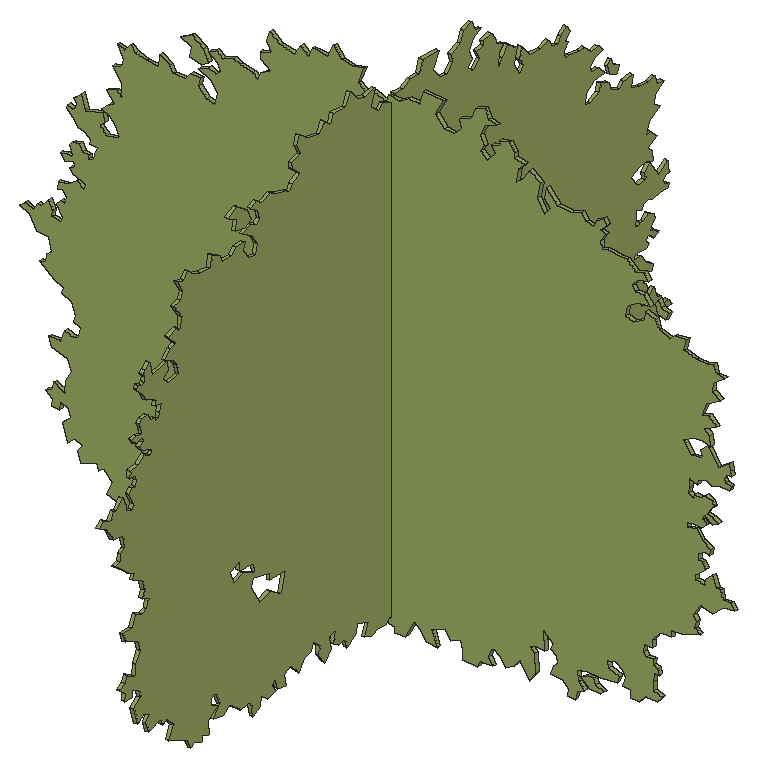
Revit family "L-PL상록관목_회양목", category 수목, Revit 2019
Family settings
  OmniClass 번호 = 23.40.05.00
  OmniClass 제목 = Plants and Planting Products
  작업 기준면 기반 = 아니오
  항상 수직 = 예
  로드될 때 보이드를 사용하여 절단 = 아니오
  렌더 모양 소스 = 패밀리 형상
  공유 = 아니오
Parameters (values of type "회양목")
  한국산업규격KS = ""
  조달청표준공사코드-세부공종 = "10161599202809"
  높이 = 1000 mm
  건설정보분류체계-부위분류 = "E985"
  LIM_INFO_주의사항 = "재배포, 재가공, 판매 금지"
  LIM_INFO_제작일 = "20211210"
  LIM_INFO_버전 = "2022_V01"
  LIM_INFO_PL_학명 = "Quercus myrsinaefolia Bl."
  LIM_INFO_PL_품명 = "가시나무"
  LIM_INFO_PL_주당인정수량 = 0
  LIM_INFO_PL_수목단위 = "주"
  LIM_INFO_PL_규격 = "5.0H X 18R"
  LIM_INFO_PL_구분 = "상록교목"
  LIM_INFO_PL_가격 = 0
  LIM_INFO_PL_Qty [instance] = 0
  LIM_INFO_PL_M2당수량 = 0
  KBIMS_식별-버전 = ""
  KBIMS_식별-bSK등록번호 = ""
  KBIMS_보급정보-저작자 = "림인포테크_MMJ"
  KBIMS_보급정보-보급코드 = ""
Reference planes
  plane 1 "중심(앞/뒤)": y = 0
  plane 2: z = 0
  plane 3 "중심(왼쪽/오른쪽)": x = 0
  plane 4: x = 482.5
  plane 5: x = -607.5
  plane 6: z = -545
  plane 7: z = -817.5
  plane 8: z = 5000
  plane 9: x = -100
  plane 10: x = 100
Dimensions and locks
  plane 4 to plane 5 = 1090 mm
  plane 6 to level = 545 mm
  plane 7 to plane 6 = 272.5 mm
  locked: level to plane 8 at 5000
  plane 9 to plane 10 = 200 mm
  aligned and locked: level to plane 2
Nested families
  nested 1: "회양목_base" at (0, 0, 0), type "회양목_base"
Definition of nested family "회양목_base"
  Parameters (values of type "회양목_base")
    Height = 6000 mm
  Reference planes
    plane 1 "중심(앞/뒤)": y = 0
    plane 2: z = 0
    plane 3 "중심(왼쪽/오른쪽)": x = 0
  Forms (mm)
    Extrusion 1, solid, detail levels fine
      sketch origin (0, 0, 0) x (1, 0, 0) y (0, 0, 1)
        loop
          line (-394.679, 39.716) -> (-403.323, 23.05) -> (-389.122, 18.112) -> (-370.907, 9.779) -> (-363.189, -4.419) -> (-358.559, 1.137) -> (-344.666, -4.11) -> (-343.74, 4.532) -> (-330.774, -1.641) -> (-333.553, 18.42) -> (-315.029, 29.223) -> (-327.687, 34.161) -> (-328.613, 44.037) -> (-319.66, 48.358) -> (-311.634, 29.84) -> (-322.747, 15.643) -> (-305.531, 11.699) -> (-294.443, 21.228) -> (-273.824, 5.671) -> (-256.9, 8.782) -> (-252.233, -12.269) -> (-239.394, -5.074) -> (-237.838, 7.567) -> (-225.778, -0.601) -> (-211.578, 3.094) -> (-217.413, 12.234) -> (-212.939, 19.235) -> (-207.104, 3.872) -> (-193.098, 1.927) -> (-196.21, 17.096) -> (-184.15, 23.125) -> (-169.366, 7.956) -> (-160.224, 21.375) -> (-147.774, 25.069) -> (-144.078, 35.376) -> (-132.796, 26.82) -> (-133.769, 14.568) -> (-123.07, 0.761) -> (-112.76, 14.179) -> (-115.289, 29.931) -> (-103.034, 34.404) -> (-107.508, 18.263) -> (-97.393, 11.651) -> (-87.861, 15.735) -> (-83.387, 2.511) -> (-67.456, 12.993) -> (-65.372, 25.001) -> (-43.923, 17.894) -> (-50.787, 1.842) -> (-38.04, -2.692) -> (-27.989, 1.964) -> (-13.036, 0.494) -> (-6.375, 7.962) -> (3.676, -2.331) -> (10.54, -3.679) -> (10.417, -11.153) -> (26.719, -10.541) -> (39.834, 12.863) -> (47.188, 6.492) -> (57.606, -6.497) -> (72.437, -8.213) -> (63.98, 12.863) -> (83.445, 19.798) -> (91.143, 7.563) -> (105.947, 13.483) -> (108.908, 1.643) -> (108.316, -10.987) -> (130.818, -11.973) -> (135.358, -5.066) -> (152.333, -4.277) -> (146.609, 5.787) -> (151.346, 19.008) -> (163.189, 11.707) -> (170.295, -0.33) -> (183.126, 7.366) -> (191.416, 16.246) -> (204.444, -4.277) -> (214.313, 7.563) -> (212.931, 34.006) -> (206.812, 39.531) -> (212.142, 43.281) -> (227.143, 41.307) -> (225.169, 66.961) -> (240.171, 55.91) -> (234.85, 46.553) -> (243.487, 41.642) -> (245.558, 31.806) -> (240.171, 27.057) -> (235.236, 15.612) -> (252.804, 13.639) -> (261.094, 4.364) -> (260.107, -4.911) -> (270.569, -5.898) -> (274.446, 5.799) -> (284.562, 10.359) -> (275.636, 19.878) -> (273.454, 33.164) -> (288.33, 35.94) -> (306.777, 34.949) -> (330.976, 37.13) -> (334.943, 46.252) -> (319.273, 52.796) -> (317.29, 61.124) -> (328.596, 63.9) -> (338.315, 56.96) -> (342.679, 47.045) -> (338.712, 35.94) -> (349.621, 34.949) -> (350.613, 24.835) -> (363.506, 24.439) -> (371.44, 33.561) -> (389.292, 33.362) -> (395.639, 40.303) -> (383.738, 45.459) -> (383.341, 57.158) -> (385.278, 67.579) -> (391.427, 67.579) -> (388.792, 76.009) -> (382.643, 78.819) -> (383.341, 86.011) -> (373.622, 86.011) -> (369.06, 90.572) -> (370.647, 100.09) -> (381.89, 100.09) -> (382.059, 110.124) -> (392.873, 123.131) -> (409.769, 123.638) -> (409.262, 131.915) -> (423.793, 132.928) -> (450.134, 140.941) -> (442.493, 146.542) -> (445.38, 156.048) -> (440.965, 163.347) -> (451.38, 178.69) -> (467.51, 174.107) -> (484.489, 187.347) -> (499.94, 188.535) -> (494.337, 197.023) -> (481.772, 196.344) -> (479.565, 208.395) -> (473.962, 209.074) -> (468.699, 224.012) -> (458.511, 214.676) -> (456.983, 207.716) -> (444.079, 209.414) -> (444.079, 216.373) -> (457.662, 227.576) -> (453.363, 235.405) -> (448.374, 236.953) -> (448.374, 244.519) -> (457.147, 250.022) -> (463.511, 246.927) -> (465.748, 255.525) -> (453.019, 262.919) -> (444.418, 274.785) -> (432.549, 273.237) -> (432.205, 278.912) -> (438.57, 281.148) -> (452.847, 279.944) -> (458.695, 284.759) -> (453.191, 290.606) -> (456.975, 296.453) -> (467.984, 288.198) -> (476.928, 293.013) -> (468.672, 298.172) -> (460.415, 300.064) -> (464.543, 307.114) -> (469.305, 311.988) -> (467.348, 318.402) -> (458.649, 323.076) -> (450.711, 317.206) -> (442.447, 318.619) -> (441.034, 314.271) -> (434.075, 318.293) -> (435.488, 324.598) -> (435.379, 336.773) -> (446.906, 332.968) -> (447.558, 339.056) -> (457.997, 342.426) -> (466.152, 338.186) -> (479.853, 341.774) -> (492.466, 341.448) -> (494.749, 346.883) -> (486.92, 349.601) -> (484.854, 353.84) -> (489.095, 359.819) -> (495.946, 360.254) -> (493.771, 366.776) -> (493.118, 376.451) -> (475.938, 364.82) -> (460.502, 387.684) -> (450.824, 378.879) -> (453.108, 369.204) -> (438.428, 368.008) -> (426.685, 383.227) -> (440.059, 390.511) -> (453.325, 392.141) -> (465.395, 388.01) -> (463.764, 402.251) -> (457.214, 408.902) -> (474.002, 416.313) -> (462.477, 426.931) -> (453.016, 425.064) -> (459.662, 441.342) -> (479.326, 452.533) -> (468.598, 460.35) -> (469.041, 471.178) -> (485.044, 482.898) -> (473.078, 484.343) -> (469.658, 495.388) -> (459.301, 492.31) -> (444.264, 493.659) -> (426.585, 499.013) -> (430.975, 514.351) -> (414.109, 512.619) -> (406.727, 506.338) -> (389.794, 512.858) -> (386.185, 523.78) -> (372.179, 529.494) -> (370.552, 518.319) -> (355.09, 510.55) -> (343.384, 513.774) -> (345.461, 527.166) -> (360.84, 536.976) -> (379.481, 538.703) -> (368.863, 550.264) -> (357.148, 549.939) -> (353.617, 557.045) -> (361.007, 565.988) -> (376.724, 569.408) -> (368.849, 578.034) -> (357.305, 575.402) -> (344.548, 587.07) -> (335.214, 586.761) -> (316.5, 589.641) -> (307.829, 587.885) -> (306.8, 597.719) -> (314.05, 608.254) -> (307.114, 611.326) -> (316.694, 620.411) -> (312.049, 628.31) -> (300.864, 621.284) -> (296.672, 612.13) -> (285.459, 615.269) -> (279.872, 624.337) -> (265.55, 619.413) -> (245.636, 621.16) -> (230.052, 638.613) -> (226.884, 622.994) -> (234.628, 613.061) -> (226.922, 603.972) -> (217.054, 621.232) -> (221.575, 641.76) -> (205.703, 651.981) -> (196.29, 639.056) -> (186.802, 631.757) -> (189.259, 648.629) -> (197.679, 657.359) -> (183.757, 661.681) -> (183.414, 667.219) -> (176.3, 678.846) -> (161.822, 675.846) -> (163.129, 669.158) -> (150.797, 666.867) -> (155.591, 655.96) -> (145.38, 645.448) -> (134.592, 652.888) -> (141.046, 661.266) -> (135.007, 674.141) -> (142.545, 687.338) -> (157.301, 693.999) -> (145.787, 697.332) -> (141.175, 709.489) -> (127.138, 704.256) -> (122.008, 690.069) -> (104.216, 683.595) -> (107.401, 672.157) -> (97.01, 661.288) -> (83.44, 663.644) -> (70.01, 678.202) -> (82.001, 698.559) -> (52.136, 699.916) -> (46.932, 683.178) -> (31.773, 683.857) -> (18.198, 677.071) -> (1.908, 677.976) -> (-0.807, 668.25) -> (-18.455, 675.262) -> (-25.695, 667.797) -> (-41.184, 679.361) -> (-33.039, 700.397) -> (-50.234, 697.004) -> (-64.714, 700.85) -> (-76.479, 714.647) -> (-85.077, 698.588) -> (-107.249, 700.171) -> (-112, 688.183) -> (-123.765, 697.457) -> (-131.911, 684.564) -> (-153.178, 688.635) -> (-168.563, 699.719) -> (-172.636, 687.278) -> (-165.622, 673.481) -> (-181.912, 669.409) -> (-181.007, 661.04) -> (-167.658, 649.731) -> (-181.219, 642.084) -> (-185.961, 633.546) -> (-193.161, 638.498) -> (-211.282, 643.125) -> (-219.645, 647.019) -> (-235.754, 641.354) -> (-245.225, 648.215) -> (-255.72, 643.424) -> (-242.762, 634.232) -> (-239.509, 623.245) -> (-245.468, 618.154) -> (-255.988, 622.984) -> (-270.112, 616.588) -> (-253.841, 607.803) -> (-243.663, 592.936) -> (-246.96, 579.962) -> (-258.845, 581.564) -> (-269.888, 594.609) -> (-267.041, 605.394) -> (-281.981, 605.623) -> (-289.488, 597.095) -> (-307.399, 597.725) -> (-311.677, 606.29) -> (-326.333, 614.392) -> (-328.281, 598.755) -> (-346.418, 600.733) -> (-360.605, 605.328) -> (-368.826, 612.134) -> (-376.209, 603.421) -> (-387.642, 606.74) -> (-377.636, 589.895) -> (-381.425, 579.883) -> (-394.2, 576.933) -> (-380.663, 559.151) -> (-380.925, 541.786) -> (-388.8, 547.145) -> (-403.383, 541.958) -> (-390.996, 528.725) -> (-399.523, 525.216) -> (-410.026, 515.723) -> (-398.382, 510.908) -> (-389.611, 501.041) -> (-384.449, 486.912) -> (-403.088, 483.293) -> (-413.191, 493.76) -> (-405.183, 499.443) -> (-406.611, 512.287) -> (-432.979, 505.41) -> (-438.124, 525.247) -> (-444.923, 518.5) -> (-450.792, 515.084) -> (-445.997, 510.29) -> (-446.755, 503.09) -> (-451.054, 501.295) -> (-458.632, 504.39) -> (-460.486, 498.87) -> (-450.922, 490.879) -> (-443.106, 479.277) -> (-434.292, 477.098) -> (-425.875, 470.277) -> (-427.441, 464.436) -> (-415.467, 463.838) -> (-419.902, 452.659) -> (-420.844, 446.346) -> (-428.688, 445.118) -> (-428.442, 449.628) -> (-436.559, 451.268) -> (-441.783, 459.502) -> (-451.462, 458.293) -> (-455.548, 453.08) -> (-452.896, 446.895) -> (-451.603, 438.929) -> (-459.883, 440.126) -> (-469.327, 438.312) -> (-462.801, 430.691) -> (-449.719, 434.377) -> (-448.314, 427.643) -> (-455.467, 424.215) -> (-451.793, 417.697) -> (-438.21, 413.723) -> (-433.142, 409.397) -> (-435.48, 404.291) -> (-445.864, 409.943) -> (-458.013, 402.073) -> (-472.373, 399.792) -> (-473.374, 391.074) -> (-466.408, 391.66) -> (-460.285, 383.466) -> (-462.978, 376.495) -> (-468.125, 376.845) -> (-474.874, 371.163) -> (-466.348, 356.005) -> (-468.826, 349.593) -> (-481.319, 352.623) -> (-480.249, 359.579) -> (-486.311, 371.808) -> (-496.479, 359.919) -> (-501.883, 361.288) -> (-508.208, 350.97) -> (-519.542, 356.069) -> (-527.726, 350.244) -> (-513.913, 343.649) -> (-502.984, 325.405) -> (-486.491, 323.885) -> (-482.357, 306.04) -> (-489.023, 300.887) -> (-489.748, 291.101) -> (-498.782, 288.661) -> (-477.366, 271.9) -> (-464.339, 265.793) -> (-467.753, 258.348) -> (-452.366, 251.865) -> (-447.033, 236.031) -> (-450.45, 226.727) -> (-440.091, 222.724) -> (-442.683, 210.165) -> (-450.522, 206.697) -> (-462.57, 211.352) -> (-468.665, 197.04) -> (-485.887, 196.35) -> (-481.343, 184.707) -> (-459.121, 176.402) -> (-453.655, 161.295) -> (-462.297, 146.783) -> (-463.217, 131.758) -> (-478.246, 139.73) -> (-481.007, 130.838) -> (-490.515, 125.625) -> (-480.7, 117.959) -> (-481.927, 107.84) -> (-469.658, 107.227) -> (-469.045, 117.346) -> (-458.003, 113.053) -> (-454.322, 102.014) -> (-466.61, 91.567) -> (-459.201, 69.037) -> (-448.396, 77.987) -> (-437.899, 72.74) -> (-444.074, 63.79) -> (-439.752, 50.21) -> (-417.524, 57.617) -> (-414.745, 48.667) -> (-407.027, 52.988) -> (-394.679, 39.716)
        loop
          line (-250.811, 184.451) -> (-276.115, 186.291) -> (-276.115, 198.71) -> (-293.598, 191.351) -> (-285.755, 172.719) -> (-268.968, 179.786) -> (-248.05, 171.573) -> (-250.811, 184.451)
        loop
          line (-220.457, 134.968) -> (-200.777, 122.816) -> (-193.541, 150.303) -> (-221.614, 150.303) -> (-221.036, 158.983) -> (-252.872, 166.217) -> (-255.517, 154.574) -> (-240.717, 128.892) -> (-220.457, 134.968)
        loop
          line (300.551, 23.9) -> (297.675, 31.438) -> (287.803, 30.971) -> (278.086, 25.687) -> (291.223, 15.584) -> (306.848, 13.952) -> (311.512, 18.149) -> (300.551, 23.9)
        loop
          line (389.394, 533.234) -> (400.518, 528.386) -> (404.732, 538.058) -> (394.759, 542.404) -> (390.82, 551.483) -> (385.971, 544.924) -> (389.394, 533.234)
        loop
          line (-296.318, 647.982) -> (-280.922, 640.713) -> (-283.773, 626.746) -> (-266.267, 623.172) -> (-256.544, 628.884) -> (-262.959, 644.704) -> (-280.637, 655.963) -> (-296.318, 647.982)
      from 0 to 5
    Extrusion 2, solid, detail levels fine
      sketch origin (0, 0, 0) x (0, 1, 0) y (0, 0, 1)
        loop
          line (-394.679, 39.716) -> (-403.323, 23.05) -> (-389.122, 18.112) -> (-370.907, 9.779) -> (-363.189, -4.419) -> (-358.559, 1.137) -> (-344.666, -4.11) -> (-343.74, 4.532) -> (-330.774, -1.641) -> (-333.553, 18.42) -> (-315.029, 29.223) -> (-327.687, 34.161) -> (-328.613, 44.037) -> (-319.66, 48.358) -> (-311.634, 29.84) -> (-322.747, 15.643) -> (-305.531, 11.699) -> (-294.443, 21.228) -> (-273.824, 5.671) -> (-256.9, 8.782) -> (-252.233, -12.269) -> (-239.394, -5.074) -> (-237.838, 7.567) -> (-225.778, -0.601) -> (-211.578, 3.094) -> (-217.413, 12.234) -> (-212.939, 19.235) -> (-207.104, 3.872) -> (-193.098, 1.927) -> (-196.21, 17.096) -> (-184.15, 23.125) -> (-169.366, 7.956) -> (-160.224, 21.375) -> (-147.774, 25.069) -> (-144.078, 35.376) -> (-132.796, 26.82) -> (-133.769, 14.568) -> (-123.07, 0.761) -> (-112.76, 14.179) -> (-115.289, 29.931) -> (-103.034, 34.404) -> (-107.508, 18.263) -> (-97.393, 11.651) -> (-87.861, 15.735) -> (-83.387, 2.511) -> (-67.456, 12.993) -> (-65.372, 25.001) -> (-43.923, 17.894) -> (-50.787, 1.842) -> (-38.04, -2.692) -> (-27.989, 1.964) -> (-13.036, 0.494) -> (-6.375, 7.962) -> (3.676, -2.331) -> (10.54, -3.679) -> (10.417, -11.153) -> (26.719, -10.541) -> (39.834, 12.863) -> (47.188, 6.492) -> (57.606, -6.497) -> (72.437, -8.213) -> (63.98, 12.863) -> (83.445, 19.798) -> (91.143, 7.563) -> (105.947, 13.483) -> (108.908, 1.643) -> (108.316, -10.987) -> (130.818, -11.973) -> (135.358, -5.066) -> (152.333, -4.277) -> (146.609, 5.787) -> (151.346, 19.008) -> (163.189, 11.707) -> (170.295, -0.33) -> (183.126, 7.366) -> (191.416, 16.246) -> (204.444, -4.277) -> (214.313, 7.563) -> (212.931, 34.006) -> (206.812, 39.531) -> (212.142, 43.281) -> (227.143, 41.307) -> (225.169, 66.961) -> (240.171, 55.91) -> (234.85, 46.553) -> (243.487, 41.642) -> (245.558, 31.806) -> (240.171, 27.057) -> (235.236, 15.612) -> (252.804, 13.639) -> (261.094, 4.364) -> (260.107, -4.911) -> (270.569, -5.898) -> (274.446, 5.799) -> (284.562, 10.359) -> (275.636, 19.878) -> (273.454, 33.164) -> (288.33, 35.94) -> (306.777, 34.949) -> (330.976, 37.13) -> (334.943, 46.252) -> (319.273, 52.796) -> (317.29, 61.124) -> (328.596, 63.9) -> (338.315, 56.96) -> (342.679, 47.045) -> (338.712, 35.94) -> (349.621, 34.949) -> (350.613, 24.835) -> (363.506, 24.439) -> (371.44, 33.561) -> (389.292, 33.362) -> (395.639, 40.303) -> (383.738, 45.459) -> (383.341, 57.158) -> (385.278, 67.579) -> (391.427, 67.579) -> (388.792, 76.009) -> (382.643, 78.819) -> (383.341, 86.011) -> (373.622, 86.011) -> (369.06, 90.572) -> (370.647, 100.09) -> (381.89, 100.09) -> (382.059, 110.124) -> (392.873, 123.131) -> (409.769, 123.638) -> (409.262, 131.915) -> (423.793, 132.928) -> (450.134, 140.941) -> (442.493, 146.542) -> (445.38, 156.048) -> (440.965, 163.347) -> (451.38, 178.69) -> (467.51, 174.107) -> (484.489, 187.347) -> (499.94, 188.535) -> (494.337, 197.023) -> (481.772, 196.344) -> (479.565, 208.395) -> (473.962, 209.074) -> (468.699, 224.012) -> (458.511, 214.676) -> (456.983, 207.716) -> (444.079, 209.414) -> (444.079, 216.373) -> (457.662, 227.576) -> (453.363, 235.405) -> (448.374, 236.953) -> (448.374, 244.519) -> (457.147, 250.022) -> (463.511, 246.927) -> (465.748, 255.525) -> (453.019, 262.919) -> (444.418, 274.785) -> (432.549, 273.237) -> (432.205, 278.912) -> (438.57, 281.148) -> (452.847, 279.944) -> (458.695, 284.759) -> (453.191, 290.606) -> (456.975, 296.453) -> (467.984, 288.198) -> (476.928, 293.013) -> (468.672, 298.172) -> (460.415, 300.064) -> (464.543, 307.114) -> (469.305, 311.988) -> (467.348, 318.402) -> (458.649, 323.076) -> (450.711, 317.206) -> (442.447, 318.619) -> (441.034, 314.271) -> (434.075, 318.293) -> (435.488, 324.598) -> (435.379, 336.773) -> (446.906, 332.968) -> (447.558, 339.056) -> (457.997, 342.426) -> (466.152, 338.186) -> (479.853, 341.774) -> (492.466, 341.448) -> (494.749, 346.883) -> (486.92, 349.601) -> (484.854, 353.84) -> (489.095, 359.819) -> (495.946, 360.254) -> (493.771, 366.776) -> (493.118, 376.451) -> (475.938, 364.82) -> (460.502, 387.684) -> (450.824, 378.879) -> (453.108, 369.204) -> (438.428, 368.008) -> (426.685, 383.227) -> (440.059, 390.511) -> (453.325, 392.141) -> (465.395, 388.01) -> (463.764, 402.251) -> (457.214, 408.902) -> (474.002, 416.313) -> (462.477, 426.931) -> (453.016, 425.064) -> (459.662, 441.342) -> (479.326, 452.533) -> (468.598, 460.35) -> (469.041, 471.178) -> (485.044, 482.898) -> (473.078, 484.343) -> (469.658, 495.388) -> (459.301, 492.31) -> (444.264, 493.659) -> (426.585, 499.013) -> (430.975, 514.351) -> (414.109, 512.619) -> (406.727, 506.338) -> (389.794, 512.858) -> (386.185, 523.78) -> (372.179, 529.494) -> (370.552, 518.319) -> (355.09, 510.55) -> (343.384, 513.774) -> (345.461, 527.166) -> (360.84, 536.976) -> (379.481, 538.703) -> (368.863, 550.264) -> (357.148, 549.939) -> (353.617, 557.045) -> (361.007, 565.988) -> (376.724, 569.408) -> (368.849, 578.034) -> (357.305, 575.402) -> (344.548, 587.07) -> (335.214, 586.761) -> (316.5, 589.641) -> (307.829, 587.885) -> (306.8, 597.719) -> (314.05, 608.254) -> (307.114, 611.326) -> (316.694, 620.411) -> (312.049, 628.31) -> (300.864, 621.284) -> (296.672, 612.13) -> (285.459, 615.269) -> (279.872, 624.337) -> (265.55, 619.413) -> (245.636, 621.16) -> (230.052, 638.613) -> (226.884, 622.994) -> (234.628, 613.061) -> (226.922, 603.972) -> (217.054, 621.232) -> (221.575, 641.76) -> (205.703, 651.981) -> (196.29, 639.056) -> (186.802, 631.757) -> (189.259, 648.629) -> (197.679, 657.359) -> (183.757, 661.681) -> (183.414, 667.219) -> (176.3, 678.846) -> (161.822, 675.846) -> (163.129, 669.158) -> (150.797, 666.867) -> (155.591, 655.96) -> (145.38, 645.448) -> (134.592, 652.888) -> (141.046, 661.266) -> (135.007, 674.141) -> (142.545, 687.338) -> (157.301, 693.999) -> (145.787, 697.332) -> (141.175, 709.489) -> (127.138, 704.256) -> (122.008, 690.069) -> (104.216, 683.595) -> (107.401, 672.157) -> (97.01, 661.288) -> (83.44, 663.644) -> (70.01, 678.202) -> (82.001, 698.559) -> (52.136, 699.916) -> (46.932, 683.178) -> (31.773, 683.857) -> (18.198, 677.071) -> (1.908, 677.976) -> (-0.807, 668.25) -> (-18.455, 675.262) -> (-25.695, 667.797) -> (-41.184, 679.361) -> (-33.039, 700.397) -> (-50.234, 697.004) -> (-64.714, 700.85) -> (-76.479, 714.647) -> (-85.077, 698.588) -> (-107.249, 700.171) -> (-112, 688.183) -> (-123.765, 697.457) -> (-131.911, 684.564) -> (-153.178, 688.635) -> (-168.563, 699.719) -> (-172.636, 687.278) -> (-165.622, 673.481) -> (-181.912, 669.409) -> (-181.007, 661.04) -> (-167.658, 649.731) -> (-181.219, 642.084) -> (-185.961, 633.546) -> (-193.161, 638.498) -> (-211.282, 643.125) -> (-219.645, 647.019) -> (-235.754, 641.354) -> (-245.225, 648.215) -> (-255.72, 643.424) -> (-242.762, 634.232) -> (-239.509, 623.245) -> (-245.468, 618.154) -> (-255.988, 622.984) -> (-270.112, 616.588) -> (-253.841, 607.803) -> (-243.663, 592.936) -> (-246.96, 579.962) -> (-258.845, 581.564) -> (-269.888, 594.609) -> (-267.041, 605.394) -> (-281.981, 605.623) -> (-289.488, 597.095) -> (-307.399, 597.725) -> (-311.677, 606.29) -> (-326.333, 614.392) -> (-328.281, 598.755) -> (-346.418, 600.733) -> (-360.605, 605.328) -> (-368.826, 612.134) -> (-376.209, 603.421) -> (-387.642, 606.74) -> (-377.636, 589.895) -> (-381.425, 579.883) -> (-394.2, 576.933) -> (-380.663, 559.151) -> (-380.925, 541.786) -> (-388.8, 547.145) -> (-403.383, 541.958) -> (-390.996, 528.725) -> (-399.523, 525.216) -> (-410.026, 515.723) -> (-398.382, 510.908) -> (-389.611, 501.041) -> (-384.449, 486.912) -> (-403.088, 483.293) -> (-413.191, 493.76) -> (-405.183, 499.443) -> (-406.611, 512.287) -> (-432.979, 505.41) -> (-438.124, 525.247) -> (-444.923, 518.5) -> (-450.792, 515.084) -> (-445.997, 510.29) -> (-446.755, 503.09) -> (-451.054, 501.295) -> (-458.632, 504.39) -> (-460.486, 498.87) -> (-450.922, 490.879) -> (-443.106, 479.277) -> (-434.292, 477.098) -> (-425.875, 470.277) -> (-427.441, 464.436) -> (-415.467, 463.838) -> (-419.902, 452.659) -> (-420.844, 446.346) -> (-428.688, 445.118) -> (-428.442, 449.628) -> (-436.559, 451.268) -> (-441.783, 459.502) -> (-451.462, 458.293) -> (-455.548, 453.08) -> (-452.896, 446.895) -> (-451.603, 438.929) -> (-459.883, 440.126) -> (-469.327, 438.312) -> (-462.801, 430.691) -> (-449.719, 434.377) -> (-448.314, 427.643) -> (-455.467, 424.215) -> (-451.793, 417.697) -> (-438.21, 413.723) -> (-433.142, 409.397) -> (-435.48, 404.291) -> (-445.864, 409.943) -> (-458.013, 402.073) -> (-472.373, 399.792) -> (-473.374, 391.074) -> (-466.408, 391.66) -> (-460.285, 383.466) -> (-462.978, 376.495) -> (-468.125, 376.845) -> (-474.874, 371.163) -> (-466.348, 356.005) -> (-468.826, 349.593) -> (-481.319, 352.623) -> (-480.249, 359.579) -> (-486.311, 371.808) -> (-496.479, 359.919) -> (-501.883, 361.288) -> (-508.208, 350.97) -> (-519.542, 356.069) -> (-527.726, 350.244) -> (-513.913, 343.649) -> (-502.984, 325.405) -> (-486.491, 323.885) -> (-482.357, 306.04) -> (-489.023, 300.887) -> (-489.748, 291.101) -> (-498.782, 288.661) -> (-477.366, 271.9) -> (-464.339, 265.793) -> (-467.753, 258.348) -> (-452.366, 251.865) -> (-447.033, 236.031) -> (-450.45, 226.727) -> (-440.091, 222.724) -> (-442.683, 210.165) -> (-450.522, 206.697) -> (-462.57, 211.352) -> (-468.665, 197.04) -> (-485.887, 196.35) -> (-481.343, 184.707) -> (-459.121, 176.402) -> (-453.655, 161.295) -> (-462.297, 146.783) -> (-463.217, 131.758) -> (-478.246, 139.73) -> (-481.007, 130.838) -> (-490.515, 125.625) -> (-480.7, 117.959) -> (-481.927, 107.84) -> (-469.658, 107.227) -> (-469.045, 117.346) -> (-458.003, 113.053) -> (-454.322, 102.014) -> (-466.61, 91.567) -> (-459.201, 69.037) -> (-448.396, 77.987) -> (-437.899, 72.74) -> (-444.074, 63.79) -> (-439.752, 50.21) -> (-417.524, 57.617) -> (-414.745, 48.667) -> (-407.027, 52.988) -> (-394.679, 39.716)
        loop
          line (-250.811, 184.451) -> (-276.115, 186.291) -> (-276.115, 198.71) -> (-293.598, 191.351) -> (-285.755, 172.719) -> (-268.968, 179.786) -> (-248.05, 171.573) -> (-250.811, 184.451)
        loop
          line (-220.457, 134.968) -> (-200.777, 122.816) -> (-193.541, 150.303) -> (-221.614, 150.303) -> (-221.036, 158.983) -> (-252.872, 166.217) -> (-255.517, 154.574) -> (-240.717, 128.892) -> (-220.457, 134.968)
        loop
          line (300.551, 23.9) -> (297.675, 31.438) -> (287.803, 30.971) -> (278.086, 25.687) -> (291.223, 15.584) -> (306.848, 13.952) -> (311.512, 18.149) -> (300.551, 23.9)
        loop
          line (389.394, 533.234) -> (400.518, 528.386) -> (404.732, 538.058) -> (394.759, 542.404) -> (390.82, 551.483) -> (385.971, 544.924) -> (389.394, 533.234)
        loop
          line (-296.318, 647.982) -> (-280.922, 640.713) -> (-283.773, 626.746) -> (-266.267, 623.172) -> (-256.544, 628.884) -> (-262.959, 644.704) -> (-280.637, 655.963) -> (-296.318, 647.982)
      from 0 to 5
    Revolve 3, solid, detail levels coarse
      sketch origin (0, 0, 0) x (1, 0, 0) y (0, 0, 1)
        loop
          line (0, 0) -> (0, 700)
          arc (0, 700) -> (-172.349, 675.994) -> (-328.281, 598.755) r 543.566
          arc (-328.281, 598.755) -> (-490.214, 309.237) -> (-370.15, 0) r 389.277
          line (-370.15, 0) -> (0, 0)
        axis (0, 700) -> (0, 0)
      angle from 0 to 360
  Lines and regions (mm)
    symbolic lines
      curve 1: circle (5, -5, 0) r 24.371 normal (0, 0, 1)
      curve 2: line (22.21, 256.742, 0) -> (35.846, 262.99, 0)
      curve 3: line (35.846, 262.99, 0) -> (43.964, 277.129, 0)
      curve 4: line (43.964, 277.129, 0) -> (47.392, 284.283, 0)
      curve 5: line (47.392, 284.283, 0) -> (52.132, 258.086, 0)
      curve 6: line (52.132, 258.086, 0) -> (64.742, 245.283, 0)
      curve 7: line (64.742, 245.283, 0) -> (73.886, 237.699, 0)
      curve 8: line (73.886, 237.699, 0) -> (101.059, 251.31, 0)
      curve 9: line (101.059, 251.31, 0) -> (109.227, 263.547, 0)
      curve 10: line (109.227, 263.547, 0) -> (109.227, 241.788, 0)
      curve 11: line (109.227, 241.788, 0) -> (120.104, 228.207, 0)
      curve 12: line (120.104, 228.207, 0) -> (133.73, 228.207, 0)
      curve 13: line (133.73, 228.207, 0) -> (150.026, 234.983, 0)
      curve 14: line (150.026, 234.983, 0) -> (182.657, 273.04, 0)
      curve 15: line (182.657, 273.04, 0) -> (159.548, 210.507, 0)
      curve 16: line (159.548, 210.507, 0) -> (159.548, 195.582, 0)
      curve 17: line (159.548, 195.582, 0) -> (159.548, 190.121, 0)
      curve 18: line (159.548, 190.121, 0) -> (167.716, 187.404, 0)
      curve 19: line (-219.21, 135.233, 0) -> (-217.802, 150.166, 0)
      curve 20: line (-217.802, 150.166, 0) -> (-225.988, 164.266, 0)
      curve 21: line (-225.988, 164.266, 0) -> (-230.47, 170.812, 0)
      curve 22: line (-230.47, 170.812, 0) -> (-205.412, 161.818, 0)
      curve 23: line (-205.412, 161.818, 0) -> (-188.019, 166.337, 0)
      curve 24: line (-188.019, 166.337, 0) -> (-176.88, 170.464, 0)
      curve 25: line (-176.88, 170.464, 0) -> (-175.08, 200.802, 0)
      curve 26: line (-175.08, 200.802, 0) -> (-181.595, 213.994, 0)
      curve 27: line (-181.595, 213.994, 0) -> (-162.75, 203.115, 0)
      curve 28: line (-162.75, 203.115, 0) -> (-145.55, 205.744, 0)
      curve 29: line (-145.55, 205.744, 0) -> (-138.737, 217.545, 0)
      curve 30: line (-138.737, 217.545, 0) -> (-136.457, 235.045, 0)
      curve 31: line (-136.457, 235.045, 0) -> (-139.399, 257.171, 0)
      curve 32: line (-139.399, 257.171, 0) -> (-144.756, 280.295, 0)
      curve 33: line (-144.756, 280.295, 0) -> (-153.1, 282.333, 0)
      curve 34: line (-153.1, 282.333, 0) -> (-147.288, 267.982, 0)
      curve 35: line (-147.288, 267.982, 0) -> (-126.206, 244.535, 0)
      curve 36: line (-126.206, 244.535, 0) -> (-110.5, 231.054, 0)
      curve 37: line (-110.5, 231.054, 0) -> (-97.574, 223.592, 0)
      curve 38: line (-97.574, 223.592, 0) -> (-92.844, 220.861, 0)
      curve 39: line (-92.844, 220.861, 0) -> (-86.408, 226.576, 0)
      curve 40: line (286.012, 283.584, 0) -> (310.665, 281.556, 0)
      curve 41: line (310.665, 281.556, 0) -> (329.124, 291.782, 0)
      curve 42: line (329.124, 291.782, 0) -> (318.842, 263.088, 0)
      curve 43: line (318.842, 263.088, 0) -> (318.842, 244.62, 0)
      curve 44: line (318.842, 244.62, 0) -> (337.361, 240.521, 0)
      curve 45: line (337.361, 240.521, 0) -> (361.953, 250.747, 0)
      curve 46: line (361.953, 250.747, 0) -> (351.732, 236.422, 0)
      curve 47: line (351.732, 236.422, 0) -> (345.538, 217.954, 0)
      curve 48: line (345.538, 217.954, 0) -> (351.732, 205.612, 0)
      curve 49: line (351.732, 205.612, 0) -> (370.191, 199.486, 0)
      curve 50: line (370.191, 199.486, 0) -> (359.909, 191.287, 0)
      curve 51: line (-360.222, -194.152, 0) -> (-378.677, -181.045, 0)
      curve 52: line (-378.677, -181.045, 0) -> (-403.281, -181.104, 0)
      curve 53: line (-403.281, -181.104, 0) -> (-415.218, -182.022, 0)
      curve 54: line (-415.218, -182.022, 0) -> (-384.556, -156.06, 0)
      curve 55: line (-384.556, -156.06, 0) -> (-377.338, -129.919, 0)
      curve 56: line (-377.338, -129.919, 0) -> (-374.327, -112.246, 0)
      curve 57: line (-374.327, -112.246, 0) -> (-412.618, -87.003, 0)
      curve 58: line (-412.618, -87.003, 0) -> (-434.775, -85.563, 0)
      curve 59: line (-434.775, -85.563, 0) -> (-406.338, -69.144, 0)
      curve 60: line (-406.338, -69.144, 0) -> (-396.795, -44.681, 0)
      curve 61: line (-396.795, -44.681, 0) -> (-407.077, -26.872, 0)
      curve 62: line (-407.077, -26.872, 0) -> (-428.229, -10.688, 0)
      curve 63: line (-428.229, -10.688, 0) -> (-459.365, 2.162, 0)
      curve 64: line (-459.365, 2.162, 0) -> (-493.628, 12.611, 0)
      curve 65: line (-493.628, 12.611, 0) -> (-502.588, 3.243, 0)
      curve 66: line (-502.588, 3.243, 0) -> (-479.447, 0.01, 0)
      curve 67: line (-479.447, 0.01, 0) -> (-432.895, 9.871, 0)
      curve 68: line (-432.895, 9.871, 0) -> (-403.426, 20.226, 0)
      curve 69: line (-403.426, 20.226, 0) -> (-383.921, 31.487, 0)
      curve 70: line (-383.921, 31.487, 0) -> (-376.783, 35.608, 0)
      curve 71: line (-376.783, 35.608, 0) -> (-379.396, 48.333, 0)
      curve 72: line (-391.777, 86.174, 0) -> (-402.347, 108.537, 0)
      curve 73: line (-402.347, 108.537, 0) -> (-420.433, 119.411, 0)
      curve 74: line (-420.433, 119.411, 0) -> (-390.442, 124.853, 0)
      curve 75: line (-390.442, 124.853, 0) -> (-374.448, 134.087, 0)
      curve 76: line (-374.448, 134.087, 0) -> (-380.158, 152.175, 0)
      curve 77: line (-380.158, 152.175, 0) -> (-401.31, 168.359, 0)
      curve 78: line (-401.31, 168.359, 0) -> (-383.793, 166.67, 0)
      curve 79: line (-383.793, 166.67, 0) -> (-364.703, 170.54, 0)
      curve 80: line (-364.703, 170.54, 0) -> (-357.111, 182.074, 0)
      curve 81: line (-357.111, 182.074, 0) -> (-361.035, 201.124, 0)
      curve 82: line (-361.035, 201.124, 0) -> (-348.794, 196.319, 0)
      curve 83: line (232.67, -161.408, 0) -> (231.262, -176.342, 0)
      curve 84: line (231.262, -176.342, 0) -> (239.448, -190.441, 0)
      curve 85: line (239.448, -190.441, 0) -> (243.93, -196.988, 0)
      curve 86: line (243.93, -196.988, 0) -> (218.872, -187.993, 0)
      curve 87: line (218.872, -187.993, 0) -> (201.48, -192.512, 0)
      curve 88: line (201.48, -192.512, 0) -> (190.34, -196.64, 0)
      curve 89: line (190.34, -196.64, 0) -> (188.541, -226.977, 0)
      curve 90: line (188.541, -226.977, 0) -> (195.055, -240.17, 0)
      curve 91: line (195.055, -240.17, 0) -> (176.211, -229.29, 0)
      curve 92: line (176.211, -229.29, 0) -> (159.01, -231.919, 0)
      curve 93: line (159.01, -231.919, 0) -> (152.197, -243.72, 0)
      curve 94: line (152.197, -243.72, 0) -> (149.918, -261.221, 0)
      curve 95: line (149.918, -261.221, 0) -> (152.86, -283.346, 0)
      curve 96: line (152.86, -283.346, 0) -> (158.216, -306.471, 0)
      curve 97: line (158.216, -306.471, 0) -> (166.56, -308.509, 0)
      curve 98: line (166.56, -308.509, 0) -> (160.748, -294.158, 0)
      curve 99: line (160.748, -294.158, 0) -> (139.666, -270.71, 0)
      curve 100: line (139.666, -270.71, 0) -> (123.96, -257.23, 0)
      curve 101: line (123.96, -257.23, 0) -> (111.035, -249.767, 0)
      curve 102: line (111.035, -249.767, 0) -> (106.305, -247.036, 0)
      curve 103: line (106.305, -247.036, 0) -> (99.868, -252.752, 0)
      curve 104: line (345.072, -234.613, 0) -> (342.948, -257.15, 0)
      curve 105: line (342.948, -257.15, 0) -> (355.301, -278.427, 0)
      curve 106: line (355.301, -278.427, 0) -> (362.065, -288.307, 0)
      curve 107: line (362.065, -288.307, 0) -> (324.25, -274.733, 0)
      curve 108: line (324.25, -274.733, 0) -> (298.002, -281.553, 0)
      curve 109: line (298.002, -281.553, 0) -> (281.192, -287.782, 0)
      curve 110: line (281.192, -287.782, 0) -> (278.476, -333.564, 0)
      curve 111: line (278.476, -333.564, 0) -> (288.307, -353.473, 0)
      curve 112: line (288.307, -353.473, 0) -> (259.869, -337.055, 0)
      curve 113: line (259.869, -337.055, 0) -> (233.912, -341.022, 0)
      curve 114: line (233.912, -341.022, 0) -> (223.63, -358.831, 0)
      curve 115: line (223.63, -358.831, 0) -> (220.19, -385.241, 0)
      curve 116: line (220.19, -385.241, 0) -> (224.63, -418.631, 0)
      curve 117: line (224.63, -418.631, 0) -> (232.713, -453.528, 0)
      curve 118: line (232.713, -453.528, 0) -> (245.305, -456.604, 0)
      curve 119: line (245.305, -456.604, 0) -> (236.535, -434.947, 0)
      curve 120: line (236.535, -434.947, 0) -> (204.719, -399.562, 0)
      curve 121: line (204.719, -399.562, 0) -> (181.017, -379.218, 0)
      curve 122: line (181.017, -379.218, 0) -> (161.512, -367.957, 0)
      curve 123: line (161.512, -367.957, 0) -> (154.373, -363.835, 0)
      curve 124: line (154.373, -363.835, 0) -> (144.66, -372.461, 0)
      curve 125: line (193.534, 181.972, 0) -> (209.87, 180.628, 0)
      curve 126: line (209.87, 180.628, 0) -> (222.102, 187.404, 0)
      curve 127: line (222.102, 187.404, 0) -> (215.289, 168.391, 0)
      curve 128: line (215.289, 168.391, 0) -> (215.289, 156.153, 0)
      curve 129: line (215.289, 156.153, 0) -> (227.56, 153.437, 0)
      curve 130: line (227.56, 153.437, 0) -> (243.856, 160.213, 0)
      curve 131: line (243.856, 160.213, 0) -> (237.083, 150.72, 0)
      curve 132: line (237.083, 150.72, 0) -> (232.979, 138.483, 0)
      curve 133: line (232.979, 138.483, 0) -> (237.083, 130.305, 0)
      curve 134: line (237.083, 130.305, 0) -> (249.315, 126.245, 0)
      curve 135: line (249.315, 126.245, 0) -> (242.501, 120.812, 0)
      curve 136: line (-180.074, -208.147, 0) -> (-196.41, -206.804, 0)
      curve 137: line (-196.41, -206.804, 0) -> (-208.642, -213.58, 0)
      curve 138: line (-208.642, -213.58, 0) -> (-201.828, -194.566, 0)
      curve 139: line (-201.828, -194.566, 0) -> (-201.828, -182.328, 0)
      curve 140: line (-201.828, -182.328, 0) -> (-214.1, -179.612, 0)
      curve 141: line (-214.1, -179.612, 0) -> (-230.396, -186.388, 0)
      curve 142: line (-230.396, -186.388, 0) -> (-223.623, -176.896, 0)
      curve 143: line (-223.623, -176.896, 0) -> (-219.519, -164.658, 0)
      curve 144: line (-219.519, -164.658, 0) -> (-223.623, -156.48, 0)
      curve 145: line (-223.623, -156.48, 0) -> (-235.854, -152.42, 0)
      curve 146: line (-235.854, -152.42, 0) -> (-229.041, -146.988, 0)
      curve 147: line (-19.255, -417.984, 0) -> (-39.834, -427.413, 0)
      curve 148: line (-39.834, -427.413, 0) -> (-52.085, -448.749, 0)
      curve 149: line (-52.085, -448.749, 0) -> (-57.259, -459.547, 0)
      curve 150: line (-57.259, -459.547, 0) -> (-64.411, -420.011, 0)
      curve 151: line (-64.411, -420.011, 0) -> (-83.441, -400.69, 0)
      curve 152: line (-83.441, -400.69, 0) -> (-97.24, -389.246, 0)
      curve 153: line (-97.24, -389.246, 0) -> (-138.247, -409.786, 0)
      curve 154: line (-138.247, -409.786, 0) -> (-150.573, -428.254, 0)
      curve 155: line (-150.573, -428.254, 0) -> (-150.573, -395.417, 0)
      curve 156: line (-150.573, -395.417, 0) -> (-166.988, -374.921, 0)
      curve 157: line (-166.988, -374.921, 0) -> (-187.552, -374.921, 0)
      curve 158: line (-187.552, -374.921, 0) -> (-212.144, -385.147, 0)
      curve 159: line (-212.144, -385.147, 0) -> (-238.84, -405.686, 0)
      curve 160: line (-238.84, -405.686, 0) -> (-265.02, -430.135, 0)
      curve 161: line (-265.02, -430.135, 0) -> (-261.388, -442.579, 0)
      curve 162: line (-261.388, -442.579, 0) -> (-247.017, -424.155, 0)
      curve 163: line (-247.017, -424.155, 0) -> (-232.281, -378.909, 0)
      curve 164: line (-232.281, -378.909, 0) -> (-226.514, -348.211, 0)
      curve 165: line (-226.514, -348.211, 0) -> (-226.514, -325.687, 0)
      curve 166: line (-226.514, -325.687, 0) -> (-226.514, -317.445, 0)
      curve 167: line (-226.514, -317.445, 0) -> (-238.84, -313.346, 0)
      curve 168: line (-8.749, -282.918, 0) -> (-22.386, -289.165, 0)
      curve 169: line (-22.386, -289.165, 0) -> (-30.504, -303.304, 0)
      curve 170: line (-30.504, -303.304, 0) -> (-33.932, -310.459, 0)
      curve 171: line (-33.932, -310.459, 0) -> (-38.671, -284.261, 0)
      curve 172: line (-38.671, -284.261, 0) -> (-51.282, -271.458, 0)
      curve 173: line (-51.282, -271.458, 0) -> (-60.426, -263.874, 0)
      curve 174: line (-60.426, -263.874, 0) -> (-87.599, -277.485, 0)
      curve 175: line (-87.599, -277.485, 0) -> (-95.766, -289.723, 0)
      curve 176: line (-95.766, -289.723, 0) -> (-95.766, -267.963, 0)
      curve 177: line (-95.766, -267.963, 0) -> (-106.644, -254.382, 0)
      curve 178: line (-106.644, -254.382, 0) -> (-120.27, -254.382, 0)
      curve 179: line (-120.27, -254.382, 0) -> (-136.566, -261.158, 0)
      curve 180: line (-136.566, -261.158, 0) -> (-154.256, -274.769, 0)
      curve 181: line (-154.256, -274.769, 0) -> (-171.604, -290.97, 0)
      curve 182: line (-171.604, -290.97, 0) -> (-169.197, -299.215, 0)
      curve 183: line (-169.197, -299.215, 0) -> (-159.675, -287.007, 0)
      curve 184: line (-159.675, -287.007, 0) -> (-149.91, -257.025, 0)
      curve 185: line (-149.91, -257.025, 0) -> (-146.088, -236.683, 0)
      curve 186: line (-146.088, -236.683, 0) -> (-146.088, -221.758, 0)
      curve 187: line (-146.088, -221.758, 0) -> (-146.088, -216.296, 0)
      curve 188: line (-146.088, -216.296, 0) -> (-154.256, -213.58, 0)
      curve 189: line (-277.803, -305.148, 0) -> (-302.455, -303.12, 0)
      curve 190: line (-302.455, -303.12, 0) -> (-320.914, -313.346, 0)
      curve 191: line (-320.914, -313.346, 0) -> (-310.632, -284.652, 0)
      curve 192: line (-310.632, -284.652, 0) -> (-310.632, -266.184, 0)
      curve 193: line (-310.632, -266.184, 0) -> (-329.151, -262.085, 0)
      curve 194: line (-329.151, -262.085, 0) -> (-353.743, -272.311, 0)
      curve 195: line (-353.743, -272.311, 0) -> (-343.522, -257.986, 0)
      curve 196: line (-343.522, -257.986, 0) -> (-337.329, -239.518, 0)
      curve 197: line (-337.329, -239.518, 0) -> (-343.522, -227.176, 0)
      curve 198: line (-343.522, -227.176, 0) -> (-361.981, -221.049, 0)
      curve 199: line (-361.981, -221.049, 0) -> (-351.699, -212.851, 0)
      curve 200: line (153.102, -402.104, 0) -> (139.02, -422.44, 0)
      curve 201: line (139.02, -422.44, 0) -> (138.647, -443.538, 0)
      curve 202: line (138.647, -443.538, 0) -> (118.938, -420.287, 0)
      curve 203: line (118.938, -420.287, 0) -> (102.944, -411.053, 0)
      curve 204: line (102.944, -411.053, 0) -> (90.135, -425.042, 0)
      curve 205: line (90.135, -425.042, 0) -> (86.694, -451.452, 0)
      curve 206: line (86.694, -451.452, 0) -> (79.399, -435.437, 0)
      curve 207: line (79.399, -435.437, 0) -> (66.502, -420.84, 0)
      curve 208: line (66.502, -420.84, 0) -> (52.718, -420.033, 0)
      curve 209: line (52.718, -420.033, 0) -> (38.182, -432.955, 0)
      curve 210: line (38.182, -432.955, 0) -> (36.223, -419.952, 0)
      curve 211: line (105.462, -272.395, 0) -> (96.131, -285.87, 0)
      curve 212: line (96.131, -285.87, 0) -> (95.883, -299.851, 0)
      curve 213: line (95.883, -299.851, 0) -> (82.824, -284.444, 0)
      curve 214: line (82.824, -284.444, 0) -> (72.225, -278.325, 0)
      curve 215: line (72.225, -278.325, 0) -> (63.737, -287.594, 0)
      curve 216: line (63.737, -287.594, 0) -> (61.457, -305.095, 0)
      curve 217: line (61.457, -305.095, 0) -> (56.624, -294.483, 0)
      curve 218: line (56.624, -294.483, 0) -> (48.077, -284.81, 0)
      curve 219: line (48.077, -284.81, 0) -> (38.943, -284.275, 0)
      curve 220: line (38.943, -284.275, 0) -> (29.311, -292.838, 0)
      curve 221: line (29.311, -292.838, 0) -> (28.013, -284.222, 0)
      curve 222: line (-234.689, -134.597, 0) -> (-246.918, -125.911, 0)
      curve 223: line (-246.918, -125.911, 0) -> (-263.222, -125.95, 0)
      curve 224: line (-263.222, -125.95, 0) -> (-271.132, -126.559, 0)
      curve 225: line (-271.132, -126.559, 0) -> (-250.814, -109.355, 0)
      curve 226: line (-250.814, -109.355, 0) -> (-246.031, -92.033, 0)
      curve 227: line (-246.031, -92.033, 0) -> (-244.036, -80.322, 0)
      curve 228: line (-244.036, -80.322, 0) -> (-269.409, -63.595, 0)
      curve 229: line (-269.409, -63.595, 0) -> (-284.091, -62.641, 0)
      curve 230: line (-284.091, -62.641, 0) -> (-265.247, -51.761, 0)
      curve 231: line (-265.247, -51.761, 0) -> (-258.924, -35.55, 0)
      curve 232: line (-258.924, -35.55, 0) -> (-265.737, -23.75, 0)
      curve 233: line (-265.737, -23.75, 0) -> (-279.753, -13.025, 0)
      curve 234: line (-279.753, -13.025, 0) -> (-300.385, -4.51, 0)
      curve 235: line (-300.385, -4.51, 0) -> (-323.09, 2.413, 0)
      curve 236: line (-323.09, 2.413, 0) -> (-329.027, -3.794, 0)
      curve 237: line (-329.027, -3.794, 0) -> (-313.693, -5.936, 0)
      curve 238: line (-313.693, -5.936, 0) -> (-282.845, 0.598, 0)
      curve 239: line (-282.845, 0.598, 0) -> (-263.318, 7.459, 0)
      curve 240: line (-263.318, 7.459, 0) -> (-250.393, 14.922, 0)
      curve 241: line (-250.393, 14.922, 0) -> (-245.663, 17.653, 0)
      curve 242: line (-245.663, 17.653, 0) -> (-247.394, 26.084, 0)
      curve 243: line (-255.599, 51.16, 0) -> (-262.603, 65.979, 0)
      curve 244: line (-262.603, 65.979, 0) -> (-274.587, 73.184, 0)
      curve 245: line (-274.587, 73.184, 0) -> (-254.714, 76.79, 0)
      curve 246: line (-254.714, 76.79, 0) -> (-244.116, 82.909, 0)
      curve 247: line (-244.116, 82.909, 0) -> (-247.899, 94.895, 0)
      curve 248: line (-247.899, 94.895, 0) -> (-261.915, 105.619, 0)
      curve 249: line (-261.915, 105.619, 0) -> (-250.308, 104.5, 0)
      curve 250: line (-250.308, 104.5, 0) -> (-237.658, 107.064, 0)
      curve 251: line (-237.658, 107.064, 0) -> (-232.628, 114.707, 0)
      curve 252: line (-232.628, 114.707, 0) -> (-235.228, 127.33, 0)
      curve 253: line (-235.228, 127.33, 0) -> (-227.116, 124.146, 0)
      curve 254: line (391.039, -90.31, 0) -> (401.61, -112.673, 0)
      curve 255: line (401.61, -112.673, 0) -> (419.695, -123.546, 0)
      curve 256: line (419.695, -123.546, 0) -> (389.704, -128.989, 0)
      curve 257: line (389.704, -128.989, 0) -> (373.711, -138.223, 0)
      curve 258: line (373.711, -138.223, 0) -> (379.42, -156.311, 0)
      curve 259: line (379.42, -156.311, 0) -> (400.572, -172.495, 0)
      curve 260: line (400.572, -172.495, 0) -> (383.055, -170.805, 0)
      curve 261: line (383.055, -170.805, 0) -> (363.965, -174.676, 0)
      curve 262: line (363.965, -174.676, 0) -> (356.374, -186.21, 0)
      curve 263: line (356.374, -186.21, 0) -> (360.297, -205.26, 0)
      curve 264: line (360.297, -205.26, 0) -> (348.057, -200.454, 0)
      curve 265: line (368.432, 172.588, 0) -> (386.887, 159.481, 0)
      curve 266: line (386.887, 159.481, 0) -> (411.491, 159.54, 0)
      curve 267: line (411.491, 159.54, 0) -> (423.428, 160.458, 0)
      curve 268: line (423.428, 160.458, 0) -> (392.766, 134.496, 0)
      curve 269: line (392.766, 134.496, 0) -> (385.548, 108.355, 0)
      curve 270: line (385.548, 108.355, 0) -> (382.537, 90.682, 0)
      curve 271: line (382.537, 90.682, 0) -> (420.828, 65.439, 0)
      curve 272: line (420.828, 65.439, 0) -> (442.985, 63.999, 0)
      curve 273: line (442.985, 63.999, 0) -> (414.547, 47.58, 0)
      curve 274: line (414.547, 47.58, 0) -> (405.005, 23.117, 0)
      curve 275: line (405.005, 23.117, 0) -> (415.287, 5.308, 0)
      curve 276: line (415.287, 5.308, 0) -> (436.439, -10.876, 0)
      curve 277: line (436.439, -10.876, 0) -> (467.575, -23.726, 0)
      curve 278: line (467.575, -23.726, 0) -> (501.838, -34.175, 0)
      curve 279: line (501.838, -34.175, 0) -> (510.798, -24.807, 0)
      curve 280: line (510.798, -24.807, 0) -> (487.657, -21.574, 0)
      curve 281: line (487.657, -21.574, 0) -> (441.105, -31.435, 0)
      curve 282: line (441.105, -31.435, 0) -> (411.636, -41.79, 0)
      curve 283: line (411.636, -41.79, 0) -> (392.13, -53.051, 0)
      curve 284: line (392.13, -53.051, 0) -> (384.992, -57.172, 0)
      curve 285: line (384.992, -57.172, 0) -> (387.606, -69.897, 0)
      curve 286: line (263.13, -65.786, 0) -> (270.134, -80.605, 0)
      curve 287: line (270.134, -80.605, 0) -> (282.118, -87.81, 0)
      curve 288: line (282.118, -87.81, 0) -> (262.245, -91.417, 0)
      curve 289: line (262.245, -91.417, 0) -> (251.647, -97.536, 0)
      curve 290: line (251.647, -97.536, 0) -> (255.43, -109.521, 0)
      curve 291: line (255.43, -109.521, 0) -> (269.447, -120.246, 0)
      curve 292: line (269.447, -120.246, 0) -> (257.839, -119.126, 0)
      curve 293: line (257.839, -119.126, 0) -> (245.189, -121.691, 0)
      curve 294: line (245.189, -121.691, 0) -> (240.159, -129.334, 0)
      curve 295: line (240.159, -129.334, 0) -> (242.759, -141.957, 0)
      curve 296: line (242.759, -141.957, 0) -> (234.648, -138.773, 0)
      curve 297: line (248.149, 108.422, 0) -> (260.378, 99.736, 0)
      curve 298: line (260.378, 99.736, 0) -> (276.682, 99.775, 0)
      curve 299: line (276.682, 99.775, 0) -> (284.592, 100.383, 0)
      curve 300: line (284.592, 100.383, 0) -> (264.274, 83.18, 0)
      curve 301: line (264.274, 83.18, 0) -> (259.491, 65.858, 0)
      curve 302: line (259.491, 65.858, 0) -> (257.496, 54.147, 0)
      curve 303: line (257.496, 54.147, 0) -> (282.869, 37.42, 0)
      curve 304: line (282.869, 37.42, 0) -> (297.551, 36.465, 0)
      curve 305: line (297.551, 36.465, 0) -> (278.707, 25.586, 0)
      curve 306: line (278.707, 25.586, 0) -> (272.384, 9.375, 0)
      curve 307: line (272.384, 9.375, 0) -> (279.197, -2.426, 0)
      curve 308: line (279.197, -2.426, 0) -> (293.213, -13.15, 0)
      curve 309: line (293.213, -13.15, 0) -> (313.846, -21.665, 0)
      curve 310: line (313.846, -21.665, 0) -> (336.55, -28.589, 0)
      curve 311: line (336.55, -28.589, 0) -> (342.487, -22.381, 0)
      curve 312: line (342.487, -22.381, 0) -> (327.153, -20.239, 0)
      curve 313: line (327.153, -20.239, 0) -> (296.306, -26.773, 0)
      curve 314: line (296.306, -26.773, 0) -> (276.778, -33.635, 0)
      curve 315: line (276.778, -33.635, 0) -> (263.853, -41.097, 0)
      curve 316: line (263.853, -41.097, 0) -> (259.123, -43.828, 0)
      curve 317: line (259.123, -43.828, 0) -> (260.854, -52.26, 0)
      curve 318: line (27.465, 396.42, 0) -> (48.044, 405.849, 0)
      curve 319: line (48.044, 405.849, 0) -> (60.295, 427.185, 0)
      curve 320: line (60.295, 427.185, 0) -> (65.468, 437.983, 0)
      curve 321: line (65.468, 437.983, 0) -> (72.621, 398.447, 0)
      curve 322: line (72.621, 398.447, 0) -> (91.651, 379.126, 0)
      curve 323: line (91.651, 379.126, 0) -> (105.45, 367.682, 0)
      curve 324: line (105.45, 367.682, 0) -> (146.457, 388.222, 0)
      curve 325: line (146.457, 388.222, 0) -> (158.783, 406.69, 0)
      curve 326: line (158.783, 406.69, 0) -> (158.783, 373.853, 0)
      curve 327: line (158.783, 373.853, 0) -> (175.198, 353.357, 0)
      curve 328: line (175.198, 353.357, 0) -> (195.761, 353.357, 0)
      curve 329: line (195.761, 353.357, 0) -> (220.353, 363.583, 0)
      curve 330: line (220.353, 363.583, 0) -> (269.598, 421.015, 0)
      curve 331: line (269.598, 421.015, 0) -> (234.724, 326.647, 0)
      curve 332: line (234.724, 326.647, 0) -> (234.724, 304.123, 0)
      curve 333: line (234.724, 304.123, 0) -> (234.724, 295.881, 0)
      curve 334: line (234.724, 295.881, 0) -> (247.05, 291.782, 0)
      curve 335: line (-109.869, 380.54, 0) -> (-95.787, 400.876, 0)
      curve 336: line (-95.787, 400.876, 0) -> (-95.414, 421.975, 0)
      curve 337: line (-95.414, 421.975, 0) -> (-75.705, 398.723, 0)
      curve 338: line (-75.705, 398.723, 0) -> (-59.711, 389.489, 0)
      curve 339: line (-59.711, 389.489, 0) -> (-46.902, 403.478, 0)
      curve 340: line (-46.902, 403.478, 0) -> (-43.461, 429.888, 0)
      curve 341: line (-43.461, 429.888, 0) -> (-36.166, 413.873, 0)
      curve 342: line (-36.166, 413.873, 0) -> (-23.269, 399.276, 0)
      curve 343: line (-23.269, 399.276, 0) -> (-9.485, 398.469, 0)
      curve 344: line (-9.485, 398.469, 0) -> (5.051, 411.391, 0)
      curve 345: line (5.051, 411.391, 0) -> (7.01, 398.388, 0)
      curve 346: line (-336.862, 213.05, 0) -> (-334.738, 235.586, 0)
      curve 347: line (-334.738, 235.586, 0) -> (-347.091, 256.863, 0)
      curve 348: line (-347.091, 256.863, 0) -> (-353.855, 266.743, 0)
      curve 349: line (-353.855, 266.743, 0) -> (-316.04, 253.169, 0)
      curve 350: line (-316.04, 253.169, 0) -> (-289.793, 259.989, 0)
      curve 351: line (-289.793, 259.989, 0) -> (-272.982, 266.218, 0)
      curve 352: line (-272.982, 266.218, 0) -> (-270.266, 312, 0)
      curve 353: line (-270.266, 312, 0) -> (-280.097, 331.909, 0)
      curve 354: line (-280.097, 331.909, 0) -> (-251.659, 315.491, 0)
      curve 355: line (-251.659, 315.491, 0) -> (-225.702, 319.458, 0)
      curve 356: line (-225.702, 319.458, 0) -> (-215.42, 337.267, 0)
      curve 357: line (-215.42, 337.267, 0) -> (-211.98, 363.677, 0)
      curve 358: line (-211.98, 363.677, 0) -> (-216.42, 397.067, 0)
      curve 359: line (-216.42, 397.067, 0) -> (-224.503, 431.964, 0)
      curve 360: line (-224.503, 431.964, 0) -> (-237.095, 435.04, 0)
      curve 361: line (-237.095, 435.04, 0) -> (-228.325, 413.383, 0)
      curve 362: line (-228.325, 413.383, 0) -> (-196.509, 377.998, 0)
      curve 363: line (-196.509, 377.998, 0) -> (-172.807, 357.654, 0)
      curve 364: line (-172.807, 357.654, 0) -> (-153.302, 346.393, 0)
      curve 365: line (-153.302, 346.393, 0) -> (-146.164, 342.271, 0)
      curve 366: line (-146.164, 342.271, 0) -> (-136.451, 350.897, 0)
      curve 367: line (-68.794, 246.219, 0) -> (-59.463, 259.695, 0)
      curve 368: line (-59.463, 259.695, 0) -> (-59.215, 273.676, 0)
      curve 369: line (-59.215, 273.676, 0) -> (-46.155, 258.268, 0)
      curve 370: line (-46.155, 258.268, 0) -> (-35.557, 252.15, 0)
      curve 371: line (-35.557, 252.15, 0) -> (-27.069, 261.419, 0)
      curve 372: line (-27.069, 261.419, 0) -> (-24.789, 278.92, 0)
      curve 373: line (-24.789, 278.92, 0) -> (-19.955, 268.308, 0)
      curve 374: line (-19.955, 268.308, 0) -> (-11.409, 258.635, 0)
      curve 375: line (-11.409, 258.635, 0) -> (-2.275, 258.1, 0)
      curve 376: line (-2.275, 258.1, 0) -> (7.357, 266.663, 0)
      curve 377: line (7.357, 266.663, 0) -> (8.655, 258.046, 0)
  Dimensions and locks
    aligned and locked: level to plane 2
